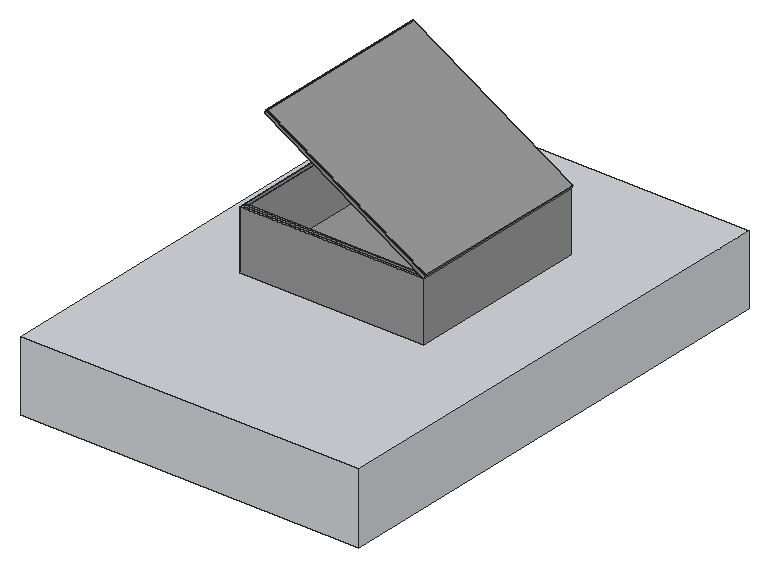
Revit family "Hager-Univers-IP55-D275-H800-Cl.I-Steel_encl-CH-en", category Equipement électrique, Revit 2020
Family settings
  Hôte = Face
  Configuration du panneau = Deux colonnes, circuits au sein
  Cote de connecteur circulaire = Utiliser le diamètre
  Type d'élément = Tableau de raccordement
  Couper avec des vides une fois chargée = Non
  Partagée = Non
  Point de calcul de pièce = Non
Parameters (values of type "Surface mounted (plaster) IP55 W800 H800 D275  - FR53E")
  Width Control [instance] = if([EF000008 - Width] > Min Width, [EF000008 - Width], Min Width)  # 800 mm
  Commentaires du type = [HG000003 - Range]  # "Univers"
  Thickness Door [instance] = if([EF009171 - Material plate thickness door/cover] > 3 mm, 3 mm, [EF009171 - Material plate thickness door/cover])  # 1.5 mm
  Seal Frame Offset [instance] = 17 mm  # constant formula
  Plinth Visibility [instance] = [HG000027 - Plinth height] > 0 mm  # no
  Model = ""
  Min Width [instance] = 100 mm  # constant formula
  Min Height [instance] = 100 mm  # constant formula
  Min Depth [instance] = (2 * [EF009170 - Material plate thickness cabinet]) + 1 mm  # 4 mm
  Internal Frame Depth [instance] = (Door System Depth * 0.5)  # 9 mm
  Height Control [instance] = if([EF000040 - Height] > Min Height, [EF000040 - Height], Min Height)  # 800 mm
  HG000027 - Plinth height = 0 mm
  HG000026 - Floor standing = no
  HG000024 - Bottom section height = 800 mm
  HG000023 - Double section enclosure = no
  HG000016 - Door 3d visibility [instance] = yes
  HG000015 - Clearance visibility [instance] = no
  HG000014 - Door on the right [instance] = yes
  HG000013 - Door on the left [instance] = not([HG000014 - Door on the right])  # no
  HG000012 - Door swing angle [instance] = 30.00°
  HG000010 - Asymmetric doors = no
  HG000009 - Double swing door = no
  HG000006 - Flush mounted = no
  HG000004 - Manufacturer reference = "FR53E"
  HG000003 - Range = "Univers"
  HG000002 - With door or cover = yes
  Frame Offset Bottom [instance] = 10 mm  # constant formula
  Frame Offset [instance] = 15 mm  # constant formula
  EF015940 - Cover with overpressure release = no
  EF011959 - Degree of protection (NEMA) = ""
  EF009554 - Number of openings for flange plates = 6
  EF009212 - Cover model = "EV000116 - Closed"
  EF009171 - Material plate thickness door/cover = 1.5 mm
  EF009170 - Material plate thickness cabinet = 1.5 mm
  Fabricant = "Hager"  # constant formula
  EF008873 - Nominal current (In) = 800 A
  EF007800 - Suitable for lightning protection = no
  EF006306 - With lock = no
  EF006244 - Transparent cover/door = no
  EF005474 - Degree of protection (IP) = "EV006420 - IP55"
  EF004464 - Type of door = "EV002646 - Single"
  EF004427 - Number of modules = 180
  EF004293 - Impact strength = "EV008784 - IK10"
  EF003532 - Suitable for outdoor use = no
  EF002950 - Width in number of modular spacings = 24
  EF001613 - Circuit integrity = "EV000494 - None"
  EF001596 - Material housing = "EV000179 - Steel"
  EF001131 - Internal depth = 275 mm
  EF001088 - Extension possible = yes
  EF000437 - Number of conduit inlets = 6
  EF000339 - Type of cover = "EV004216 - Door"
  EF000266 - Number of rows = 5
  EF000218 - Built-in depth = 0 mm
  EF000118 - With mounting plate = no
  EF000116 - RAL-number = "7035"
  EF000049 - Depth = 275 mm
  EF000040 - Height = 800 mm
  EF000008 - Width = 800 mm
  EF000007 - Colour = "EV000270 - Grey"
  EF000003 - Mounting method = "EV000384 - Surface mounted (plaster)"
  Door System Leaf Tolerance [instance] = 1.5 mm  # constant formula
  Door System Depth [instance] = 18 mm  # constant formula
  Door Height [instance] = Height Control - [HG000027 - Plinth height]  # 800 mm
  Depth Control [instance] = if([EF000049 - Depth] > Min Depth, [EF000049 - Depth], Min Depth)  # 275 mm
  Default Elevation = 0 mm
  Connector Offset [instance] = Height Control / 2  # 400 mm
  Bottom Top Plate Trim [instance] = 1.5 mm  # constant formula
  Plinth height Ctrl [instance] = if([HG000027 - Plinth height] > 0 mm, [HG000027 - Plinth height], 12 mm)  # 12 mm
Types (5, lengths in mm): name | Width Control | HG000010 - Asymmetric doors | HG000009 - Double swing door | HG000004 - Manufacturer reference | EF009554 - Number of openings for flange plates | EF004464 - Type of door | EF004427 - Number of modules | EF000437 - Number of conduit inlets | EF000008 - Width
  Surface mounted (plaster) IP55 W1050 H800 D275  - FR54E | 1050 | no | yes | "FR54E" | 8 | "EV003602 - Double" | 240 | 8 | 1050
  Surface mounted (plaster) IP55 W1300 H800 D275  - FR55E | 1300 | yes | yes | "FR55E" | 10 | "EV003602 - Double" | 300 | 10 | 1300
  Surface mounted (plaster) IP55 W300 H800 D275  - FR51E | 300 | no | no | "FR51E" | 2 | "EV002646 - Single" | 60 | 2 | 300
  Surface mounted (plaster) IP55 W550 H800 D275  - FR52E | 550 | no | no | "FR52E" | 4 | "EV002646 - Single" | 120 | 4 | 550
  Surface mounted (plaster) IP55 W800 H800 D275  - FR53E | 800 | no | no | "FR53E" | 6 | "EV002646 - Single" | 180 | 6 | 800
Reference planes
  plane 1 "Center (Front/Back)": y = 0
  plane 2: z = 0
  plane 3 "Center (Left/Right)": x = 0
  plane 4: z = 275
  plane 5: y = 1.5
  plane 6: y = 400
  plane 7: y = 0
  plane 8: y = 800
  plane 9: z = 0
  plane 10: x = -385
  plane 11: x = 385
  plane 12: x = 383.5
  plane 13: x = -383.5
  plane 14: y = 798.5
  plane 15: x = -383
  plane 16: x = -400
  plane 17: x = 383
  plane 18: x = 400
  plane 19: x = 398.5
  plane 20: x = -398.5
  plane 21: y = 11.5
  plane 22: y = 800
  plane 23: y = 783.5
  plane 24: z = 257
  plane 25: z = 1.5
  plane 26: z = 255.5
  plane 27: z = 273.5
Forms (mm)
  Extrusion 1, solid
    sketch origin (0, 0, 0) x (1, 0, 0) y (0, 1, 0)
      loop
        line (-702.964, 1305) -> (-702.964, -811.445) -> (766.763, -811.445) -> (766.763, 1305) -> (-702.964, 1305)
    from 0 to -304.8
  Extrusion 2, solid, material "Hager_Steel_RAL7035_Light_Grey", visible <- "Plinth Visibility", detail levels medium+fine
    sketch origin (0, 0, 0) x (1, 0, 0) y (0, 1, 0)
      loop
        line (-400, 0) -> (400, 0) -> (400, 12) -> (-400, 12) -> (-400, 0)
    from 0 to 257
  Extrusion 3, solid, material "Hager_Steel_RAL7035_Light_Grey", detail levels medium+fine
    sketch origin (0, 0, 0) x (1, 0, 0) y (0, 1, 0)
      loop
        line (-400, 0) -> (400, 0) -> (400, 800) -> (-400, 800) -> (-400, 0)
    from 0 to 257
  Extrusion 4, void
    sketch origin (0, 0, 0) x (1, 0, 0) y (0, 1, 0)
      loop
        line (-398.5, 1.5) -> (398.5, 1.5) -> (398.5, 798.5) -> (-398.5, 798.5) -> (-398.5, 1.5)
    from 1.5 to 255.5
  Extrusion 5, void
    sketch origin (-381.607, -4572, 257) x (0, -1, 0) y (-1, 0, 0)
      loop
        line (-4583.5, 1.893) -> (-5355.5, 1.893) -> (-5355.5, -765.107) -> (-4583.5, -765.107) -> (-4583.5, 1.893)
    from 0 to 1.5 <- "EF009170 - Material plate thickness cabinet"
  Extrusion 6, solid, material "Hager_Steel_RAL7035_Light_Grey", detail levels fine
    sketch origin (0, 0, 257) x (1, 0, 0) y (0, 1, 0)
      loop
        line (-383.5, 783.5) -> (-383.5, 11.5) -> (383.5, 11.5) -> (383.5, 783.5) -> (-383.5, 783.5)
      loop
        line (-385, 10) -> (385, 10) -> (385, 785) -> (-385, 785) -> (-385, 10)
    from 0 to 9 <- "Internal Frame Depth"
  Extrusion 7, solid, material "Hager_Steel_RAL7035_Light_Grey", detail levels coarse
    sketch origin (0, 0, 0) x (1, 0, 0) y (0, 1, 0)
      loop
        line (-400, 0) -> (400, 0) -> (400, 800) -> (-400, 800) -> (-400, 0)
    from 0 to 275
  Sweep 8, void
    path in 3D
      loop
        line (-400, 12, 0) -> (400, 12, 0) -> (400, 12, 257) -> (-400, 12, 257) -> (-400, 12, 0)
    profile origin (-400, 12, 128.5) x (-1, 0, 0) y (0, -1, 0)
      loop
        line (0, 0) -> (0, 1.5) -> (-1.5, 1.5)
        arc (-1.5, 1.5) -> (-1.061, 0.439) -> (0, 0) r 1.5
Cuts and joins
  Extrusion 4, Extrusion 5 cuts Extrusion 3
  Sweep 8 cuts Extrusion 2
Lines and regions (mm)
  Masking region 1
    outline origin (0, 0, 0) x (1, 0, 0) y (0, 0, 1)
      loop
        line (-400, 275) -> (-400, 0) -> (400, 0) -> (400, 275) -> (-400, 275)
  Masking region 2, detail levels medium+fine
    outline origin (0, 140, 0) x (0, 1, 0) y (0, 0, 1)
      loop
        line (-140, 0) -> (660, 0) -> (660, 257) -> (-140, 257) -> (-140, 0)
  Masking region 3, not visible, detail levels medium+fine
    outline origin (0, 297.922, 0) x (0, 1, 0) y (0, 0, 1)
      loop
        line (113.578, 0) -> (153.578, 0) -> (153.578, 263.5)
        arc (153.578, 263.5) -> (150.649, 270.571) -> (143.578, 273.5) r 10
        line (143.578, 273.5) -> (113.578, 273.5) -> (113.578, 0)
  Masking region 4, detail levels coarse
    outline origin (0, 0, 180) x (0, 1, 0) y (0, 0, 1)
      loop
        line (0, -180) -> (800, -180) -> (800, 95) -> (0, 95) -> (0, -180)
  Masking region 5, visible <- "Plinth Visibility", detail levels medium+fine
    outline origin (0, 52.24, 12.345) x (0, 0, -1) y (0, 1, 0)
      loop
        line (10.845, -40.24) -> (-243.155, -40.24)
        arc (-243.155, -40.24) -> (-243.594, -41.301) -> (-244.655, -41.74) r 1.5
        line (-244.655, -41.74) -> (-244.655, -52.24) -> (12.345, -52.24) -> (12.345, -41.74)
        arc (12.345, -41.74) -> (11.285, -41.301) -> (10.845, -40.24) r 1.5
  Masking region 6, detail levels medium+fine
    outline origin (-381.607, -4572, 257) x (-1, 0, 0) y (0, -1, 0)
      loop
        line (18.393, -5372) -> (18.393, -4572) -> (-781.607, -4572) -> (-781.607, -5372) -> (18.393, -5372)
  Masking region 7, visible <- "Plinth Visibility", detail levels medium+fine
    outline origin (-381.607, -4727, 257) x (-1, 0, 0) y (0, -1, 0)
      loop
        arc (16.893, -4739) -> (17.332, -4737.939) -> (18.393, -4737.5) r 1.5
        line (18.393, -4737.5) -> (18.393, -4727) -> (-781.607, -4727) -> (-781.607, -4737.5)
        arc (-781.607, -4737.5) -> (-780.546, -4737.939) -> (-780.107, -4739) r 1.5
        line (-780.107, -4739) -> (16.893, -4739)
  Masking region 8, detail levels coarse
    outline origin (-442.548, -4669.526, 257) x (-1, 0, 0) y (0, -1, 0)
      loop
        line (-42.548, -5469.526) -> (-42.548, -4669.526) -> (-842.548, -4669.526) -> (-842.548, -5469.526) -> (-42.548, -5469.526)
  sketch lines
    curve 1: line (-400, 12, 257) -> (-400, 12, 0)
    curve 2: line (400, 12, 257) -> (-400, 12, 257)
    curve 3: line (400, 12, 257) -> (400, 12, 0)
    curve 4: line (-400, 12, 0) -> (400, 12, 0)
Dimensions and locks
  "Depth Control": plane 4 to Extrusion 1
  "HG000027 - Plinth height": plane 1 "Center (Front/Back)" to plane 7
  "EF009170 - Material plate thickness cabinet": plane 5 to plane 7
  locked: connector elem to plane 3 "Center (Left/Right)"
  equal spacing: plane 8, plane 6, plane 7
  locked: connector elem to plane 6
  "EF009170 - Material plate thickness cabinet": plane 8 to plane 14
  "EF009170 - Material plate thickness cabinet": plane 10 to plane 13
  "EF009170 - Material plate thickness cabinet": plane 12 to plane 11
  "Frame Offset": plane 20 to plane 13
  "Frame Offset": plane 12 to plane 19
  "EF009170 - Material plate thickness cabinet": plane 16 to plane 20
  "EF009170 - Material plate thickness cabinet": plane 19 to plane 18
  "Seal Frame Offset": plane 16 to plane 15
  "Seal Frame Offset": plane 17 to plane 18
  "Frame Offset Bottom": plane 21 to plane 5
  "Frame Offset": plane 14 to plane 23
  equal spacing: plane 16, plane 3 "Center (Left/Right)", plane 18
  "Width Control": plane 16 to plane 18
  "EF009170 - Material plate thickness cabinet": plane 4 to plane 27
  "EF009170 - Material plate thickness cabinet": plane 24 to plane 26
  "EF009170 - Material plate thickness cabinet": plane 25 to level
  "Door System Depth": plane 4 to plane 24
  "Height Control": plane 1 "Center (Front/Back)" to Extrusion 7 sketch curve
  "Height Control": Masking region 4 sketch curve to plane 1 "Center (Front/Back)"
  "Height Control": plane 1 "Center (Front/Back)" to plane 22
  "Bottom Top Plate Trim": profile plane to Sweep 8 sketch curve
  "Bottom Top Plate Trim": Sweep 8 sketch curve to profile plane
  "Plinth height Ctrl": plane 1 "Center (Front/Back)" to Extrusion 2 sketch curve
  "Plinth height Ctrl": Masking region 5 sketch curve to plane 1 "Center (Front/Back)"
  "Plinth height Ctrl": plane 1 "Center (Front/Back)" to Masking region 7 sketch curve
  "Thickness Door": Extrusion 6 sketch curve to Extrusion 6 sketch curve  (x3)
  "Thickness Door": cut or joined group of Extrusion 3, Extrusion 4, Extrusion 5 to Extrusion 6 sketch curve
  radius of Masking region 3 sketch curve = 10 mm
  "Bottom Top Plate Trim": radius of Masking region 5 sketch curve  (x2)
  "Bottom Top Plate Trim": radius of Sweep 8 sketch curve
  "Bottom Top Plate Trim": radius of Masking region 7 sketch curve  (x2)
  aligned and locked: plane 2 to Extrusion 1
  aligned and locked: level to Extrusion 1
  aligned and locked: level to Masking region 1 sketch curve
  aligned and locked: Masking region 1 sketch curve to plane 18
  aligned and locked: Masking region 1 sketch curve to plane 16
  aligned and locked: plane 7 to Masking region 2 sketch curve
  aligned and locked: level to Masking region 3 sketch curve
  aligned and locked: Masking region 3 sketch curve to plane 27
  aligned and locked: level to Masking region 2 sketch curve
  aligned and locked: plane 1 "Center (Front/Back)" to Extrusion 2 sketch curve
  aligned and locked: Extrusion 3 sketch curve to plane 7
  aligned and locked: plane 16 to Extrusion 3 sketch curve
  aligned and locked: plane 18 to Extrusion 3 sketch curve
  aligned and locked: plane 20 to Extrusion 4 sketch curve
  aligned and locked: plane 19 to Extrusion 4 sketch curve
  aligned and locked: Extrusion 4 sketch curve to plane 5
  aligned and locked: Extrusion 4 to plane 25
  aligned and locked: plane 26 to Extrusion 4
  aligned and locked: plane 24 to Extrusion 3
  aligned and locked: Extrusion 5 sketch curve to plane 21
  aligned and locked: Extrusion 5 sketch curve to plane 13
  aligned and locked: Extrusion 5 sketch curve to plane 12
  aligned and locked: plane 18 to Extrusion 7 sketch curve
  aligned and locked: plane 1 "Center (Front/Back)" to Extrusion 7 sketch curve
  aligned and locked: plane 16 to Extrusion 7 sketch curve
  aligned and locked: plane 4 to Extrusion 7
  aligned and locked: Extrusion 7 to level
  aligned and locked: level to Masking region 4 sketch curve
  aligned and locked: Masking region 4 sketch curve to plane 1 "Center (Front/Back)"
  aligned and locked: Masking region 4 sketch curve to plane 4
  aligned and locked: nested 1 to level
  aligned and locked: nested 1 to plane 16
  aligned and locked: plane 8 to Extrusion 3 sketch curve
  aligned and locked: plane 23 to Extrusion 5 sketch curve
  aligned and locked: plane 14 to Extrusion 4 sketch curve
  aligned and locked: Masking region 2 sketch curve to plane 8
  aligned and locked: level to Masking region 5 sketch curve
  aligned and locked: plane 16 to Extrusion 2 sketch curve
  aligned and locked: plane 18 to Extrusion 2 sketch curve
  aligned and locked: Masking region 5 sketch curve to plane 24
  aligned and locked: Masking region 2 sketch curve to plane 24
  aligned and locked: plane 24 to Extrusion 2
  aligned and locked: profile plane to Sweep 8 sketch curve  (x2)
  aligned and locked: Masking region 6 sketch curve to plane 18
  aligned and locked: Masking region 6 sketch curve to plane 22
  aligned and locked: Masking region 6 sketch curve to plane 16
  aligned and locked: plane 8 to plane 22
  aligned and locked: Masking region 6 sketch curve to plane 7
  aligned and locked: Masking region 7 sketch curve to plane 16
  aligned and locked: Masking region 7 sketch curve to plane 1 "Center (Front/Back)"
  aligned and locked: Masking region 7 sketch curve to plane 18
  aligned and locked: Masking region 8 sketch curve to plane 1 "Center (Front/Back)"
  aligned and locked: Masking region 8 sketch curve to plane 18
  aligned and locked: Masking region 8 sketch curve to plane 22
  aligned and locked: Masking region 8 sketch curve to plane 16
  aligned and locked: nested 2 to plane 7
  aligned and locked: plane 3 "Center (Left/Right)" to nested 2
  aligned and locked: nested 2 to plane 24
  aligned and locked: Extrusion 6 sketch curve to cut or joined group of Extrusion 3, Extrusion 4, Extrusion 5  (x4)
Automatic sketch dimensions
  Extrusion 1 sketch curve to Extrusion 1 sketch curve = 1469.727 mm
  Extrusion 1 sketch curve to Extrusion 1 sketch curve = 2116.445 mm
  Masking region 1 sketch curve to plane 4 = 0 mm
  plane 6 to Masking region 3 sketch curve = 11.5 mm
  Masking region 3 sketch curve to Masking region 3 sketch curve = 30 mm
  Masking region 5 sketch curve to plane 1 "Center (Front/Back)" = 0 mm
Nested families
  nested 1: "Hager_Enclosure_Symbol" at (-400, 0, 0) x (1, 0, 0) z (0, -1, 0), Height <- "Depth Control", Width <- "Width Control", type "Hager_Enclosure_Symbol"
    with Width_Ctrl 800 mm, Width 800 mm, Height_Ctrl 275 mm, Height 275 mm, A_Width_Int 18.047 mm, A_Width 216.562 mm, A_Height_Ctrl 240.625 mm, A_Height 240.625 mm
  nested 2: "EC000058_Univers_Door" at (0, 0, 257) x (1, 0, 0) z (0, 1, 0), Leaf_Tolerance <- "Door System Leaf Tolerance", Angle <- "HG000012 - Door swing angle", Door_Depth <- "Door System Depth", Door_Left <- "HG000013 - Door on the left", Transparent <- "EF006244 - Transparent cover/door", Assymetrical <- "HG000010 - Asymmetric doors", Width <- "Width Control", Clearance <- "HG000015 - Clearance visibility", Double <- "HG000009 - Double swing door", 3d_Door <- "HG000016 - Door 3d visibility", Lock_Visibility <- "EF006306 - With lock", Width_Ctrl <- "Width Control", Door_Right <- "HG000014 - Door on the right", Door <- "HG000002 - With door or cover", Height <- "Door Height", Thickness <- "Thickness Door", type "EC000058_Univers_Door", detail levels medium+fine
    with min_wh 4 mm, Width_Ctrl 800 mm, Width 800 mm, Transparent no, Thickness 1.5 mm, Seal_Material Hager_Rubber, Lock_Visibility no, Lock_Material Hager_Plastic_RAL9005_Jet_Black, Leaf_Width 800 mm, Leaf_Tolerance_External_Sides 0 mm, Leaf_Tolerance 1.5 mm, Leaf_Offset 0 mm, Leaf_Height 797 mm, Leaf_2_Width 800 mm, Leaf_2_Offset 400 mm, Leaf_1_Width 800 mm, Leaf_1_Offset 400 mm, Height_Ctrl 800 mm, Height 800 mm, Glass_Material Hager_Glass, Double_Clearance_Ctrl no, Double no, Door_Right_Ctrl yes, Door_Right yes, Door_Material Hager_Steel_RAL7035_Light_Grey, Door_Left_Ctrl no, Door_Left no, Door_Depth 18 mm, Door yes, Clearance_Material Hager_Clearance, Clearance_Depth 800 mm, Clearance_Ctrl no, Clearance no, Assymetrical no, Angle 30.00°, 3d_Door yes
Connectors
  electrical at (0, 400, 0)
    settings: on plane 9, index 1, voltage 0 V, apparent load 0 VA, apparent load phase1 0 VA, apparent load phase2 0 VA, apparent load phase3 0 VA, power factor 1, load classification "Other", number of poles 1, system type 30, power factor state 1, is connector primary yes, connector utility no, sub classification motor no, connector description ""
Definition of nested family "EC000058_Univers_Door"
  Parameters (values of type "EC000058_Univers_Door")
    min_wh [instance] = (2 * Thickness) + 1 mm  # 11 mm
    Width_Ctrl [instance] = 400 mm
    Width [instance] = 500 mm
    Transparent [instance] = yes
    Thickness [instance] = 5 mm
    Seal_Material [instance] = none
    Lock_Visibility [instance] = yes
    Lock_Material [instance] = none
    Leaf_Width [instance] = if((Width_Ctrl - 2 * Leaf_Tolerance_External_Sides) > 0 mm, (Width_Ctrl - 2 * Leaf_Tolerance_External_Sides), min_wh)  # 400 mm
    Leaf_Tolerance_External_Sides [instance] = 0 mm  # constant formula
    Leaf_Tolerance [instance] = 1.5 mm
    Leaf_Offset [instance] = 0 mm  # constant formula
    Leaf_Height [instance] = if((Height_Ctrl - 2 * Leaf_Tolerance) > 0 mm, (Height_Ctrl - 2 * Leaf_Tolerance), min_wh)  # 497 mm
    Leaf_2_Width [instance] = if(and(and(Double, Assymetrical), Door_Left), (Leaf_Width / 3) - (Leaf_Tolerance / 2), if(and(and(Double, Assymetrical), Door_Right), (Leaf_Width / 3) * 2 - (Leaf_Tolerance / 2), if(and(Double, not(Assymetrical)), (Leaf_Width / 2) - Leaf_Tolerance, Leaf_Width)))  # 400 mm
    Leaf_2_Offset [instance] = if(and(Double, Assymetrical), Leaf_2_Width / 2, if(and(Double, not(Assymetrical)), Leaf_Width / 4, Leaf_Width / 2))  # 200 mm
    Leaf_1_Width [instance] = if(and(and(Double, Assymetrical), Door_Right), (Leaf_Width / 3) - (Leaf_Tolerance / 2), if(and(and(Double, Assymetrical), Door_Left), (Width / 3) * 2 - (Leaf_Tolerance / 2), if(and(Double, not(Assymetrical)), (Leaf_Width / 2) - Leaf_Tolerance, Leaf_Width)))  # 400 mm
    Leaf_1_Offset [instance] = if(and(Double, Assymetrical), Leaf_1_Width / 2, if(and(Double, not(Assymetrical)), Leaf_Width / 4, Leaf_Width / 2))  # 200 mm
    Height_Ctrl [instance] = if(Height > min_wh, Height, min_wh)  # 500 mm
    Height [instance] = 500 mm
    Glass_Material [instance] = none
    Double_Clearance_Ctrl [instance] = and(Double, Clearance)  # no
    Double [instance] = no
    Door_Right_Ctrl [instance] = and(or(Door_Right, Double), Door)  # yes
    Door_Right [instance] = yes
    Door_Material [instance] = none
    Door_Left_Ctrl [instance] = and(or(Door_Left, Double), Door)  # no
    Door_Left [instance] = no
    Door_Depth [instance] = 30 mm
    Door [instance] = yes
    Default Elevation = 1219.2 mm
    Clearance_Material [instance] = none
    Clearance_Depth [instance] = if(Leaf_1_Width > Leaf_2_Width, Leaf_1_Width, Leaf_2_Width)  # 400 mm
    Clearance_Ctrl [instance] = and(not(Double), Clearance)  # yes
    Clearance [instance] = yes
    Assymetrical [instance] = yes
    Angle [instance] = 30.00°
    3d_Door [instance] = yes
  Reference planes
    plane 1 "Center (Front/Back)": y = 0
    plane 2 "Bottom": z = 0
    plane 3 "Center (Left/Right)": x = 0
    plane 4: z = 500
    plane 5: x = -200
    plane 6: x = 200
    plane 7: z = 500
    plane 8: x = -200
    plane 9: z = 0
    plane 10: x = 200
    plane 11: y = 0
    plane 12: z = 1.5
    plane 13: x = -600
    plane 14: y = -400
    plane 15: x = 600
    plane 16: x = 0
    plane 17: x = 0
    plane 18: x = -200
    plane 19: x = 200
    plane 20: z = 498.5
  Forms (mm)
    Extrusion 1, solid, material <- "Clearance_Material", visible <- "Double_Clearance_Ctrl"
      sketch origin (1200, 0, 0) x (1, 0, 0) y (0, 0, -1)
        loop
          line (-1800, -498.5) -> (-600, -498.5) -> (-600, 0) -> (-1800, 0) -> (-1800, -498.5)
      from 0 to -400
  Dimensions and locks
    equal spacing: plane 5, plane 3 "Center (Left/Right)", plane 6
    "Width_Ctrl": plane 5 to plane 6
    "Leaf_Offset": plane 5 to plane 8
    "Leaf_Offset": plane 6 to plane 10
    "Leaf_Offset": plane 9 to level
    "Leaf_Offset": plane 4 to plane 7
    "Height_Ctrl": plane 4 to level
    "Leaf_Tolerance": plane 12 to plane 9
    locked: plane 11 to plane 1 "Center (Front/Back)"
    "Leaf_1_Offset": plane 18 to plane 16
    "Leaf_2_Offset": plane 17 to plane 19
    "Leaf_1_Width": plane 13 to plane 8
    "Leaf_2_Width": plane 10 to plane 15
    "Clearance_Depth": plane 14 to plane 1 "Center (Front/Back)"
    "Leaf_Tolerance_External_Sides": plane 8 to plane 18
    "Leaf_Tolerance_External_Sides": plane 19 to plane 10
    "Leaf_Tolerance": plane 7 to plane 20
    aligned and locked: level to plane 2 "Bottom"
    aligned and locked: nested 1 to plane 16
    aligned and locked: nested 2 to plane 17
    aligned and locked: Extrusion 1 to plane 13
    aligned and locked: plane 15 to Extrusion 1
    aligned and locked: Extrusion 1 to plane 14
    aligned and locked: plane 12 to nested 1
    aligned and locked: nested 2 to plane 12
    aligned and locked: Extrusion 1 to plane 11
    aligned and locked: plane 20 to Extrusion 1
    aligned and locked: nested 2 to plane 11
    aligned and locked: nested 1 to plane 11
  Automatic sketch dimensions
    Extrusion 1 sketch curve to level = 0 mm
    plane 5 to Extrusion 1 sketch curve = 400 mm
    plane 6 to Extrusion 1 sketch curve = 400 mm
    Extrusion 1 sketch curve to plane 4 = 1.5 mm
  Nested families
    nested 1: "EC000058_Univers_Door_Leaf" at (0, 0, 1.5), Width <- "Leaf_1_Width", visible <- "Door_Left_Ctrl", Leaf_Height <- "Leaf_Height", Angle <- "Angle", 3d_Door <- "3d_Door", Transparent <- "Transparent", Clearance Material <- "Clearance_Material", Clearance <- "Clearance_Ctrl", Door_Material <- "Door_Material", Glass_Material <- "Glass_Material", Door_Depth <- "Door_Depth", Lock_Material <- "Lock_Material", Seal_Material <- "Seal_Material", Lock_Visibility <- "Lock_Visibility", Thickness <- "Thickness", type "EC000058_Univers_Door_Leaf"
      with Width 400 mm, Transparent_Glass_Offset 30 mm, Transparent_Ctrl yes, Transparent yes, Thickness 5 mm, Standard no, Seal_Material none, Seal_D2 8 mm, Seal_D1 1 mm, Offset_Internal_Frame 10 mm, Lock_Width 20 mm, Lock_Visibility_3d yes, Lock_Visibility yes, Lock_Thickness_3 3 mm, Lock_Thickness_2 1 mm, Lock_Thickness_1 3 mm, Lock_Radius_Offset_2 16 mm, Lock_Radius_Offset_1 15 mm, Lock_Radius_2 5 mm, Lock_Radius 6 mm, Lock_Offset 5 mm, Lock_Material none, Lock_Height 80 mm, Lock_Cover_Top_Offset_2d 17 mm, Lock_Cover_Height -65 mm, Leaf_Height 497 mm, Internal_Seal_Thickness 8 mm, Internal_Seal_Depth_2 4.5 mm, Internal_Frame_Depth 25 mm, Glass_Thickness -1 mm, Glass_Offset -2 mm, Glass_Material none, Door_Material none, Door_Depth 30 mm, Clearance Material none, Clearance yes, Angle_Ctrl 30.00°, Angle 30.00°, 3d_Door yes
    nested 2: "EC000058_Univers_Door_Leaf" at (0, 0, 1.5) x (-1, 0, 0) z (0, 0, 1), Width <- "Leaf_2_Width", visible <- "Door_Right_Ctrl", Leaf_Height <- "Leaf_Height", Angle <- "Angle", 3d_Door <- "3d_Door", Transparent <- "Transparent", Clearance Material <- "Clearance_Material", Clearance <- "Clearance_Ctrl", Door_Material <- "Door_Material", Glass_Material <- "Glass_Material", Door_Depth <- "Door_Depth", Lock_Material <- "Lock_Material", Seal_Material <- "Seal_Material", Lock_Visibility <- "Lock_Visibility", Thickness <- "Thickness", type "EC000058_Univers_Door_Leaf"
      with Width 400 mm, Transparent_Glass_Offset 30 mm, Transparent_Ctrl yes, Transparent yes, Thickness 5 mm, Standard no, Seal_Material none, Seal_D2 8 mm, Seal_D1 1 mm, Offset_Internal_Frame 10 mm, Lock_Width 20 mm, Lock_Visibility_3d yes, Lock_Visibility yes, Lock_Thickness_3 3 mm, Lock_Thickness_2 1 mm, Lock_Thickness_1 3 mm, Lock_Radius_Offset_2 16 mm, Lock_Radius_Offset_1 15 mm, Lock_Radius_2 5 mm, Lock_Radius 6 mm, Lock_Offset 5 mm, Lock_Material none, Lock_Height 80 mm, Lock_Cover_Top_Offset_2d 17 mm, Lock_Cover_Height -65 mm, Leaf_Height 497 mm, Internal_Seal_Thickness 8 mm, Internal_Seal_Depth_2 4.5 mm, Internal_Frame_Depth 25 mm, Glass_Thickness -1 mm, Glass_Offset -2 mm, Glass_Material none, Door_Material none, Door_Depth 30 mm, Clearance Material none, Clearance yes, Angle_Ctrl 30.00°, Angle 30.00°, 3d_Door yes
  Definition of nested family "EC000058_Univers_Door_Leaf"
    Parameters (values of type "EC000058_Univers_Door_Leaf")
      Width [instance] = 2000 mm
      Transparent_Glass_Offset [instance] = 30 mm
      Transparent_Ctrl [instance] = and(Transparent, [3d_Door])  # yes
      Transparent [instance] = yes
      Thickness [instance] = 5 mm
      Standard [instance] = and(not(Transparent), [3d_Door])  # no
      Seal_Material [instance] = none
      Seal_D2 [instance] = 8 mm  # constant formula
      Seal_D1 [instance] = 1 mm  # constant formula
      Offset_Internal_Frame [instance] = 10 mm  # constant formula
      Lock_Width [instance] = 20 mm  # constant formula
      Lock_Visibility_3d [instance] = and(Lock_Visibility, [3d_Door])  # yes
      Lock_Visibility [instance] = yes
      Lock_Thickness_3 [instance] = 3 mm  # constant formula
      Lock_Thickness_2 [instance] = 1 mm  # constant formula
      Lock_Thickness_1 [instance] = 3 mm  # constant formula
      Lock_Radius_Offset_2 [instance] = Lock_Radius_Offset_1 + 1 mm  # 16 mm
      Lock_Radius_Offset_1 [instance] = 15 mm  # constant formula
      Lock_Radius_2 [instance] = Lock_Radius - 1 mm  # 5 mm
      Lock_Radius [instance] = 6 mm  # constant formula
      Lock_Offset [instance] = 5 mm  # constant formula
      Lock_Material [instance] = none
      Lock_Height [instance] = 80 mm  # constant formula
      Lock_Cover_Top_Offset_2d [instance] = Lock_Radius_Offset_2 + 1 mm  # 17 mm
      Lock_Cover_Height [instance] = -(Lock_Height - Lock_Radius_Offset_1)  # -65 mm
      Leaf_Height [instance] = 2720.336 mm
      Internal_Seal_Thickness [instance] = 8 mm  # constant formula
      Internal_Seal_Depth_2 [instance] = 4.5 mm  # constant formula
      Internal_Frame_Depth [instance] = if(Door_Depth - Thickness > 5 mm, Door_Depth - Thickness, 5 mm)  # 25 mm
      Glass_Thickness [instance] = if(Thickness > 15 mm, Glass_Offset + 10 mm, -1 mm)  # -1 mm
      Glass_Offset [instance] = if(Thickness > 15 mm, -(Thickness + 10 mm) / 2, -2 mm)  # -2 mm
      Glass_Material [instance] = none
      Door_Material [instance] = none
      Door_Depth [instance] = 30 mm
      Default Elevation = 0 mm
      Clearance Material [instance] = none
      Clearance [instance] = yes
      Angle_Ctrl [instance] = if(Angle > 180.00°, 180.00°, Angle)  # 90.00°
      Angle [instance] = 90.00°
      3d_Door [instance] = yes
    Reference planes
      plane 1 "Center (Front/Back)": y = 0
      plane 2: z = 0
      plane 3 "Center (Left/Right)": x = 0
      plane 4: y = 2000
      plane 5: x = -1000
      plane 6: x = 1000
      plane 7: x = -3000
      plane 8: z = 2720.336
      plane 9: z = 30
      plane 10: z = 2690.336
      plane 11: x = 970
      plane 12: x = -970
      plane 13: y = -3
      plane 14: z = 107.833
      plane 15: y = -5
      plane 16: y = -223.314
      plane 17: x = -1000
      plane 18: z = 1360.168
      plane 19: y = 30
    Forms (mm)
      Extrusion 1, solid, material <- "Clearance Material", visible <- "Clearance"
        sketch origin (0, 0, 0) x (1, 0, 0) y (0, 0, 1)
          loop
            line (-3000, 2720.336) -> (-3000, 0) -> (1000, 0) -> (1000, 2720.336) -> (-3000, 2720.336)
        from 0 to -2000
      Extrusion 2, solid, material <- "Door_Material", visible <- "Standard", detail levels medium+fine
        sketch origin (-1000, 0, 0) x (0, 1, 0) y (-1, 0, 0)
          loop
            line (0, 30) -> (0, 25) -> (2000, 25) -> (2000, 30) -> (0, 30)
        from 0 to 2720.336 <- "Leaf_Height"
      Extrusion 3, solid, material <- "Door_Material", visible <- "Transparent_Ctrl", detail levels medium+fine
        sketch origin (-1000, 0, 0) x (0, 1, 0) y (-1, 0, 0)
          loop
            line (0, 25) -> (2000, 25) -> (2000, 30) -> (0, 30) -> (0, 25)
        from 0 to 2720.336 <- "Leaf_Height"
      Extrusion 4, void
        sketch origin (-1025, 2000, 0) x (0, 1, 0) y (0, 0, -1)
          loop
            line (-30, -2690.336) -> (-30, -30) -> (-1970, -30) -> (-1970, -2690.336) -> (-30, -2690.336)
        from 0 to 5 <- "Thickness"
      Sweep 5, solid, material <- "Seal_Material", visible <- "Transparent_Ctrl", detail levels fine
        path in 3D
          loop
            line (-1025, 30, 30) -> (-1025, 30, 2690.336) -> (-1025, 1970, 2690.336) -> (-1025, 1970, 30) -> (-1025, 30, 30)
        profile origin (-1025, 1000, 30) x (1, 0, 0) y (0, 0, 1)
          loop
            line (0, 0) -> (0, -8) -> (1, -8) -> (1, 0) -> (0, 0)
      Extrusion 6, solid, material <- "Glass_Material", visible <- "Transparent_Ctrl", detail levels medium+fine
        sketch origin (-1030, 0, 0) x (0, 1, 0) y (0, 0, -1)
          loop
            line (1970, -2690.336) -> (1970, -30) -> (30, -30) -> (30, -2690.336) -> (1970, -2690.336)
        from -2 <- "Glass_Offset" to -1 <- "Glass_Thickness"
      Extrusion 7, solid, material <- "Door_Material", visible <- "3d_Door", detail levels medium+fine
        sketch origin (-1025, 2000, 0) x (0, -1, 0) y (0, 0, -1)
          loop
            line (0, -2720.336) -> (2000, -2720.336) -> (2000, 0) -> (0, 0) -> (0, -2720.336)
          loop
            line (1995, -5) -> (5, -5) -> (5, -2715.336) -> (1995, -2715.336) -> (1995, -5)
        from 0 to 25 <- "Internal_Frame_Depth"
      Sweep 8, solid, material <- "Seal_Material", visible <- "Transparent_Ctrl", detail levels fine
        path in 3D
          loop
            line (-1025, 0, 0) -> (-1025, 2000, 0) -> (-1025, 2000, 2720.336) -> (-1025, 0, 2720.336) -> (-1025, 0, 0)
        profile origin (-1025, 0, 1360.168) x (1, 0, 0) y (0, 1, 0)
          loop
            line (0, 10) -> (2.975, 10)
            arc (2.975, 10) -> (4.053, 10.447) -> (4.5, 11.525) r 1.525
            line (4.5, 11.525) -> (4.5, 16.527)
            arc (4.5, 16.527) -> (4.069, 17.569) -> (3.027, 18) r 1.473
            line (3.027, 18) -> (0, 18) -> (0, 10)
      Extrusion 9, solid, material <- "Lock_Material", visible <- "Lock_Visibility_3d", detail levels fine
        sketch origin (-1030, 0, 0) x (0, 1, 0) y (0, 0, -1)
          loop
            arc (1993.5, -1400.168) -> (1994.561, -1399.729) -> (1995, -1398.668) r 1.5
            line (1995, -1398.668) -> (1995, -1320.168) -> (1975, -1320.168) -> (1975, -1398.668)
            arc (1975, -1398.668) -> (1975.439, -1399.729) -> (1976.5, -1400.168) r 1.5
            line (1976.5, -1400.168) -> (1993.5, -1400.168)
        from 3 <- "Lock_Thickness_1" to 0
      Blend 10, solid, material <- "Lock_Material", visible <- "Lock_Visibility_3d", detail levels fine
        base sketch origin (-1033, 0, 0) x (0, 1, 0) y (0, 0, -1)
          loop
            line (1975, -1320.168) -> (1975, -1398.668)
            arc (1975, -1398.668) -> (1975.439, -1399.729) -> (1976.5, -1400.168) r 1.5
            line (1976.5, -1400.168) -> (1993.5, -1400.168)
            arc (1993.5, -1400.168) -> (1994.561, -1399.729) -> (1995, -1398.668) r 1.5
            line (1995, -1398.668) -> (1995, -1320.168) -> (1975, -1320.168)
        top sketch origin (-1033, 0, 0) x (0, 1, 0) y (0, 0, -1)
          loop
            line (1976, -1320.168) -> (1976, -1398.668)
            arc (1976, -1398.668) -> (1976.146, -1399.022) -> (1976.5, -1399.168) r 0.5
            line (1976.5, -1399.168) -> (1993.5, -1399.168)
            arc (1993.5, -1399.168) -> (1993.854, -1399.022) -> (1994, -1398.668) r 0.5
            line (1994, -1398.668) -> (1994, -1320.168) -> (1976, -1320.168)
        from 0 to 1 <- "Lock_Thickness_2"
      Blend 11, solid, material <- "Lock_Material", visible <- "Lock_Visibility_3d", detail levels fine
        base sketch origin (-1034, 0, 0) x (0, 1, 0) y (0, 0, -1)
          loop
            line (1978, -1320.168) -> (1978, -1384.168)
            arc (1978, -1384.168) -> (1985, -1391.168) -> (1992, -1384.168) r 7
            line (1992, -1384.168) -> (1992, -1320.168) -> (1978, -1320.168)
        top sketch origin (-1034, 0, 0) x (0, 1, 0) y (0, 0, -1)
          loop
            line (1991, -1320.168) -> (1979, -1320.168) -> (1979, -1383.168)
            arc (1979, -1383.168) -> (1985, -1389.168) -> (1991, -1383.168) r 6
            line (1991, -1383.168) -> (1991, -1320.168)
        from 0 to 3 <- "Lock_Thickness_3"
      Extrusion 12, solid, material <- "Lock_Material", visible <- "Lock_Visibility_3d", detail levels fine
        sketch origin (-1030, 1975, 1320.168) x (1, 0, 0) y (0, -1, 0)
          loop
            line (-7, -19) -> (-7, -1) -> (0, -1) -> (0, 0) -> (-8, 0) -> (-8, -20) -> (0, -20) -> (0, -19) -> (-7, -19)
        from 0 to -65 <- "Lock_Cover_Height"
      Extrusion 13, void
        sketch origin (-1038, 1995, 1320.168) x (-1, 0, 0) y (0, 0, -1)
          loop
            line (-5, -65) -> (0, -65) -> (-5, -60) -> (-5, -65)
        from 0 to 20 <- "Lock_Width"
      Extrusion 14, void
        sketch origin (-1038, 1975, 1320.168) x (0, -1, 0) y (0, 0, -1)
          loop
            circle (-10, -15.995) r 6
          loop
            circle (-10, -15.995) r 5
        from 0 to 2
      Extrusion 15, solid, material <- "Lock_Material", visible <- "Lock_Visibility_3d", detail levels medium
        sketch origin (-1030, 0, 0) x (0, 1, 0) y (0, 0, -1)
          loop
            arc (1993.5, -1400.168) -> (1994.561, -1399.729) -> (1995, -1398.668) r 1.5
            line (1995, -1398.668) -> (1995, -1320.168) -> (1975, -1320.168) -> (1975, -1398.668)
            arc (1975, -1398.668) -> (1975.439, -1399.729) -> (1976.5, -1400.168) r 1.5
            line (1976.5, -1400.168) -> (1993.5, -1400.168)
        from 8 to 0
    Cuts and joins
      Extrusion 4 cuts Extrusion 3
      Extrusion 13, Extrusion 14 cuts Extrusion 9
      Extrusion 14 cuts Blend 11
      Extrusion 13, Extrusion 14 cuts Extrusion 12
      joined: Extrusion 9, Blend 10, Blend 11, Extrusion 12
      Extrusion 14 cuts Extrusion 15
    Lines and regions (mm)
      Masking region 1, visible <- "Lock_Visibility", detail levels fine
        outline origin (0, 0, 0) x (0, 1, 0) y (0, 0, 1)
          loop
            line (30, 1320.168) -> (33, 1320.168) -> (33, 1400.168) -> (30, 1400.168) -> (30, 1320.168)
      Masking region 2, visible <- "Lock_Visibility", detail levels fine
        outline origin (0, 3.143, 0) x (0, 1, 0) y (0, 0, 1)
          loop
            line (29.857, 1354.168) -> (30.857, 1354.168) -> (30.857, 1366.168) -> (29.857, 1366.168) -> (29.857, 1354.168)
      Masking region 3, detail levels medium+fine
        outline origin (0, 0, 0) x (0, 1, 0) y (0, 0, 1)
          loop
            line (0, 0) -> (30, 0) -> (30, 2720.336) -> (0, 2720.336) -> (0, 0)
      Masking region 4, detail levels medium+fine
        outline origin (0, 0, 0) x (1, 0, 0) y (0, 0, 1)
          loop
            line (-1000, 2720.336) -> (-1000, 0) -> (1000, 0) -> (1000, 2720.336) -> (-1000, 2720.336)
      Masking region 5, visible <- "Lock_Visibility", detail levels fine
        outline origin (-47.116, 0, 0) x (1, 0, 0) y (0, 0, 1)
          loop
            arc (1024.616, 1399.168) -> (1023.556, 1398.729) -> (1023.116, 1397.668) r 1.5
            line (1023.116, 1397.668) -> (1023.116, 1320.168) -> (1041.116, 1320.168) -> (1041.116, 1397.668)
            arc (1041.116, 1397.668) -> (1040.677, 1398.729) -> (1039.616, 1399.168) r 1.5
            line (1039.616, 1399.168) -> (1024.616, 1399.168)
      Masking region 6, visible <- "Lock_Visibility", detail levels medium+fine
        outline origin (-25, 0, 0) x (1, 0, 0) y (0, 0, 1)
          loop
            arc (1001.5, 1400.168) -> (1000.439, 1399.729) -> (1000, 1398.668) r 1.5
            line (1000, 1398.668) -> (1000, 1320.168) -> (1020, 1320.168) -> (1020, 1398.668)
            arc (1020, 1398.668) -> (1019.561, 1399.729) -> (1018.5, 1400.168) r 1.5
            line (1018.5, 1400.168) -> (1001.5, 1400.168)
      Masking region 7, visible <- "Lock_Visibility", detail levels fine
        outline origin (-73.735, 0, 0) x (1, 0, 0) y (0, 0, 1)
          loop
            line (1051.735, 1382.168) -> (1065.735, 1382.168) -> (1065.735, 1384.168)
            arc (1065.735, 1384.168) -> (1058.735, 1391.168) -> (1051.735, 1384.168) r 7
            line (1051.735, 1384.168) -> (1051.735, 1382.168)
      Masking region 8, visible <- "Lock_Visibility", detail levels fine
        outline origin (-73.735, 0, 0) x (1, 0, 0) y (0, 0, 1)
          loop
            line (1052.735, 1382.168) -> (1064.735, 1382.168) -> (1064.735, 1383.168)
            arc (1064.735, 1383.168) -> (1058.735, 1389.168) -> (1052.735, 1383.168) r 6
            line (1052.735, 1383.168) -> (1052.735, 1382.168)
      Masking region 9, visible <- "Lock_Visibility", detail levels fine
        outline origin (-25, 0, 0) x (1, 0, 0) y (0, 0, 1)
          loop
            line (1020, 1320.168) -> (1020, 1382.168) -> (1000, 1382.168) -> (1000, 1320.168) -> (1020, 1320.168)
      Masking region 10, detail levels medium+fine
        outline origin (0, 0, 0) x (1, 0, 0) y (0, 0, 1)
          loop
            circle (985, 1335.144) r 6
      Masking region 11, detail levels fine
        outline origin (0, 0, 0) x (1, 0, 0) y (0, 0, 1)
          loop
            circle (985, 1335.144) r 5
      Masking region 12, visible <- "Lock_Visibility", detail levels fine
        outline origin (0, 12.767, 0) x (0, 1, 0) y (0, 0, 1)
          loop
            line (20.233, 1320.168) -> (21.233, 1320.168) -> (21.233, 1399.168) -> (20.233, 1400.168) -> (20.233, 1320.168)
      Masking region 13, visible <- "Lock_Visibility", detail levels fine
        outline origin (0, 13.767, -10) x (0, 1, 0) y (0, 0, 1)
          loop
            line (20.233, 1330.168) -> (23.233, 1330.168) -> (23.233, 1399.168) -> (20.233, 1402.168) -> (20.233, 1330.168)
      Masking region 14, visible <- "Lock_Visibility", detail levels fine
        outline origin (0, 12.767, -10) x (0, 1, 0) y (0, 0, 1)
          loop
            line (20.233, 1330.168) -> (25.233, 1330.168) -> (25.233, 1399.305) -> (20.233, 1394.305) -> (20.233, 1330.168)
      Masking region 15, visible <- "Lock_Visibility", detail levels medium
        outline origin (0, 0, 0) x (0, 1, 0) y (0, 0, 1)
          loop
            line (30, 1320.168) -> (38, 1320.168) -> (38, 1400.168) -> (30, 1400.168) -> (30, 1320.168)
      Masking region 16, visible <- "Lock_Visibility", detail levels fine
        outline origin (-1000, 0, 0) x (0, 1, 0) y (-1, 0, 0)
          loop
            line (1975, 30) -> (1995, 30) -> (1995, 38) -> (1975, 38) -> (1975, 30)
          loop
            line (1979, 37) -> (1976, 37) -> (1976, 34) -> (1978, 34) -> (1979, 37)
          loop
            line (1994, 37) -> (1991, 37) -> (1992, 34) -> (1994, 34) -> (1994, 37)
      Masking region 17, visible <- "Lock_Visibility", detail levels medium
        outline origin (-1000, 0, 0) x (0, 1, 0) y (-1, 0, 0)
          loop
            line (1975, 30) -> (1995, 30) -> (1995, 38) -> (1975, 38) -> (1975, 30)
      symbolic lines
        curve 1: line (1000, 0, 0) -> (-3000, 0, 0)
        curve 2: arc (1000, 0, 0) -> (-1000, 2000, 0) -> (-3000, 0, 0) r 2000
        curve 4: line (-1030, 0, 0) -> (-1030, 2000, 0)
      reference lines
        curve 3: line (-1000, 0, 0) -> (-1000, 2000, 0)
      symbolic lines, detail levels medium+fine
        curve 5: line (-1030, 2000, 0) -> (-1025, 2000, 0)
        curve 7: line (-1025, 0, 0) -> (-1030, 0, 0)
        curve 8: line (-1025, 0, 0) -> (-1000, 0, 0)
        curve 9: line (-1000, 0, 0) -> (-1000, 2000, 0)
        curve 10: line (-1000, 2000, 0) -> (-1025, 2000, 0)
      symbolic lines, detail levels fine
        curve 6: line (-1025, 2000, 0) -> (-1025, 0, 0)
      sketch lines
        curve 11: line (-1025, 0, 2720.336) -> (-1025, 0, 0)
        curve 12: line (-1025, 2000, 0) -> (-1025, 0, 0)
        curve 13: line (-1025, 2000, 2720.336) -> (-1025, 2000, 0)
        curve 14: line (-1025, 0, 2720.336) -> (-1025, 2000, 2720.336)
        curve 15: line (-1025, 1970, 30) -> (-1025, 30, 30)
        curve 16: line (-1025, 30, 30) -> (-1025, 30, 2690.336)
        curve 17: line (-1025, 1970, 2690.336) -> (-1025, 1970, 30)
        curve 18: line (-1025, 30, 2690.336) -> (-1025, 1970, 2690.336)
      symbolic lines, visible <- "Transparent", detail levels medium+fine
        curve 19: line (-970, 0, 2690.336) -> (970, 0, 2690.336)
        curve 20: line (-970, 0, 30) -> (-970, 0, 2690.336)
        curve 21: line (970, 0, 30) -> (-970, 0, 30)
        curve 22: line (970, 0, 2690.336) -> (970, 0, 30)
    Dimensions and locks
      "Width": plane 1 "Center (Front/Back)" to plane 4
      equal spacing: plane 5, plane 3 "Center (Left/Right)", plane 6
      "Width": plane 5 to plane 6
      "Width": plane 7 to plane 5
      "Leaf_Height": plane 8 to level
      "Width": curve 5 to curve 3
      "Width": curve 3 to curve 3
      plane 8 to plane 10 = 30 mm
      plane 9 to level = 30 mm
      plane 12 to plane 5 = 30 mm
      plane 6 to plane 11 = 30 mm
      Extrusion 1 to Extrusion 4 sketch curve = 30 mm
      "Transparent_Glass_Offset": curve 3 to Extrusion 4 sketch curve
      "Transparent_Glass_Offset": Extrusion 4 sketch curve to cut or joined group of Extrusion 3, Extrusion 4  (x2)
      cut or joined group of Extrusion 3, Extrusion 4 to Extrusion 6 sketch curve = 30 mm
      "Transparent_Glass_Offset": cut or joined group of Extrusion 3, Extrusion 4 to Extrusion 4 sketch curve
      "Thickness": curve 6 to curve 4
      "Thickness": Extrusion 7 sketch curve to Extrusion 7 sketch curve  (x4)
      "Door_Depth": curve 4 to curve 3
      "Offset_Internal_Frame": profile plane to Sweep 8 sketch curve
      "Internal_Seal_Thickness": Sweep 8 sketch curve to Sweep 8 sketch curve
      "Internal_Seal_Depth_2": profile plane to Sweep 8 sketch curve
      "Seal_D1": profile plane to Sweep 5 sketch curve
      "Seal_D2": profile plane to Sweep 5 sketch curve
      "Thickness": Extrusion 2 sketch curve to Extrusion 2 sketch curve
      equal spacing: Extrusion 9 sketch curve, plane 18, Extrusion 9 sketch curve  (x2)
      equal spacing: Masking region 1 sketch curve, plane 18, Masking region 1 sketch curve
      "Lock_Height": Masking region 1 sketch curve to Masking region 1 sketch curve
      "Lock_Radius": Masking region 2 sketch curve to plane 18 to Masking region 2 sketch curve
      Masking region 2 sketch curve to Masking region 1 = 1 mm
      "Door_Depth": plane 19 to plane 1 "Center (Front/Back)"
      "Lock_Thickness_1": Masking region 1 sketch curve to plane 19
      "Lock_Width": Extrusion 9 sketch curve to Extrusion 9 sketch curve
      "Lock_Height": Extrusion 9 sketch curve to Extrusion 9 sketch curve
      "Lock_Offset": cut or joined group of Extrusion 3, Extrusion 4 to Extrusion 9 sketch curve
      equal spacing: plane 8, plane 18, level
      "Lock_Radius_Offset_1": Blend 11 sketch curve to Blend 10
      locked: Blend 10 to Blend 11 sketch curve at 2  (x2)
      locked: var sketch to Blend 11 sketch curve at 1  (x2)
      "Lock_Radius_Offset_2": Blend 11 sketch curve to Blend 10
      locked: Extrusion 12 sketch curve to Extrusion 12 sketch curve at 1  (x3)
      Masking region 6 sketch curve to Masking region 6 sketch curve = 80 mm
      "Lock_Height": Masking region 6 sketch curve to Masking region 6 sketch curve
      "Lock_Width": Masking region 6 sketch curve to Masking region 6 sketch curve
      locked: Masking region 6 to Masking region 5 sketch curve at 1  (x3)
      locked: Masking region 5 to Masking region 7 sketch curve at 2  (x2)
      "Lock_Radius_Offset_1": Masking region 5 to Masking region 7 sketch curve
      "Lock_Radius_Offset_2": Masking region 5 to Masking region 8 sketch curve
      locked: Masking region 7 to Masking region 8 sketch curve at 1  (x2)
      "Lock_Cover_Top_Offset_2d": Masking region 5 to Masking region 9 sketch curve
      equal spacing: Masking region 9, Masking region 10 sketch curve, Masking region 9
      equal spacing: Masking region 9, Masking region 11 sketch curve, Masking region 9
      Extrusion 15 sketch curve to Extrusion 15 sketch curve = 80 mm
      "Lock_Width": Extrusion 15 sketch curve to Extrusion 15 sketch curve
      "Lock_Height": Extrusion 15 sketch curve to Extrusion 15 sketch curve
      equal spacing: Extrusion 15 sketch curve, plane 18, Extrusion 15 sketch curve
      "Lock_Thickness_3": Masking region 13 sketch curve to Masking region 13 sketch curve
      "Lock_Height": Masking region 12 sketch curve to Masking region 12 sketch curve
      locked: Masking region 13 sketch curve to Masking region 1 at 8
      locked: Masking region 14 sketch curve to Masking region 13 at 1
      locked: Masking region 14 sketch curve to Masking region 1 at 10.863
      "Lock_Height": Masking region 15 sketch curve to Masking region 15 sketch curve
      "Lock_Offset": Extrusion 15 sketch curve to cut or joined group of Extrusion 3, Extrusion 4
      "Lock_Offset": plane 6 to Masking region 6 sketch curve
      radius of Sweep 8 sketch curve = 1.525 mm
      radius of Sweep 8 sketch curve = 1.473 mm
      radius of Extrusion 9 sketch curve = 1.5 mm  (x2)
      "Lock_Radius": radius of Extrusion 14 sketch curve
      "Lock_Radius_2": radius of Extrusion 14 sketch curve
      "Lock_Radius": radius of Masking region 10 sketch curve
      "Lock_Radius_2": radius of Masking region 11 sketch curve
      radius of Extrusion 15 sketch curve = 1.5 mm  (x2)
      "Angle_Ctrl": angle plane 1 "Center (Front/Back)" to curve 3
      locked: Masking region 12 sketch curve to Masking region 12 sketch curve (angle 45.00°)
      locked: Masking region 13 sketch curve to Masking region 13 sketch curve (angle 45.00°)
      locked: Masking region 14 sketch curve to Masking region 14 sketch curve (angle 45.00°)
      aligned and locked: level to plane 2
      aligned and locked: Extrusion 1 to curve 1
      aligned and locked: plane 6 to Extrusion 1
      aligned and locked: Extrusion 1 to plane 1 "Center (Front/Back)"
      aligned and locked: plane 4 to Extrusion 1
      aligned and locked: plane 8 to Extrusion 1
      aligned and locked: curve 7 to Extrusion 2 sketch curve
      aligned and locked: curve 5 to Extrusion 2 sketch curve
      aligned and locked: curve 7 to Extrusion 3 sketch curve
      aligned and locked: Extrusion 3 sketch curve to curve 4
      aligned and locked: Extrusion 3 sketch curve to curve 6
      aligned and locked: Extrusion 3 sketch curve to curve 5
      aligned and locked: curve 9 to curve 3
      aligned and locked: Extrusion 7 sketch curve to cut or joined group of Extrusion 3, Extrusion 4  (x4)
      aligned and locked: plane 17 to curve 3
      aligned and locked: plane 1 "Center (Front/Back)" to curve 3
      aligned and locked: plane 17 to plane 5
      aligned and locked: Sweep 8 sketch curve to profile plane
      aligned and locked: Sweep 5 sketch curve to profile plane  (x2)
      aligned and locked: Masking region 1 to Masking region 2 sketch curve
      aligned and locked: plane 19 to Masking region 1 sketch curve
      aligned and locked: plane 1 "Center (Front/Back)" to Masking region 3 sketch curve
      aligned and locked: plane 19 to Masking region 3 sketch curve
      aligned and locked: level to Masking region 3 sketch curve
      aligned and locked: Masking region 3 sketch curve to plane 8
      aligned and locked: plane 17 to Masking region 4 sketch curve
      aligned and locked: level to Masking region 4 sketch curve
      aligned and locked: Masking region 4 sketch curve to plane 8
      aligned and locked: plane 12 to curve 20
      aligned and locked: plane 10 to curve 19
      aligned and locked: plane 11 to curve 22
      aligned and locked: curve 21 to plane 9
      aligned and locked: Extrusion 2 sketch curve to cut or joined group of Extrusion 3, Extrusion 4
      aligned and locked: Blend 10 sketch curve to Extrusion 9  (x4)
      aligned and locked: Extrusion 9 to Blend 10 sketch curve
      aligned and locked: Blend 10 to Blend 11 sketch curve
      aligned and locked: Extrusion 12 sketch curve to Blend 11
      aligned and locked: Extrusion 12 sketch curve to Extrusion 9  (x4)
      aligned and locked: Masking region 5 sketch curve to Masking region 6
      aligned and locked: Masking region 9 sketch curve to Masking region 6  (x3)
      aligned and locked: Masking region 12 sketch curve to Masking region 1
      aligned and locked: Masking region 13 sketch curve to Masking region 1
      aligned and locked: Masking region 12 to Masking region 14
      aligned and locked: Masking region 14 sketch curve to Masking region 1
      aligned and locked: Masking region 15 sketch curve to Masking region 14
      aligned and locked: Masking region 13 sketch curve to Masking region 12
      aligned and locked: Masking region 16 sketch curve to cut or joined group of Extrusion 14, Extrusion 15  (x4)
      aligned and locked: Masking region 16 sketch curve to cut or joined group of Extrusion 9, Blend 10, Blend 11, Extrusion 12, Extrusion 13, Extrusion 14  (x6)
      aligned and locked: cut or joined group of Extrusion 9, Blend 10, Blend 11, Extrusion 12, Extrusion 13, Extrusion 14 to Masking region 16 sketch curve
      aligned and locked: Masking region 17 sketch curve to cut or joined group of Extrusion 14, Extrusion 15  (x3)
      aligned and locked: Masking region 17 sketch curve to cut or joined group of Extrusion 9, Blend 10, Blend 11, Extrusion 12, Extrusion 13, Extrusion 14
      aligned and locked: Masking region 9 to Masking region 8 sketch curve
      aligned and locked: Masking region 9 to Masking region 7 sketch curve
    Automatic sketch dimensions
      plane 1 "Center (Front/Back)" to curve 2 = 0 mm
      curve 2 to plane 5 = 0 mm
      Extrusion 1 sketch curve to level = 0 mm
      Extrusion 1 sketch curve to plane 7 = 0 mm
      Extrusion 1 sketch curve to plane 6 = 0 mm
      Extrusion 1 sketch curve to plane 8 = 0 mm
      Extrusion 3 to Extrusion 6 sketch curve = 30 mm  (x4)
      Masking region 4 sketch curve to plane 6 = 0 mm
      Blend 10 sketch curve to Extrusion 9 = 1.5 mm
      Blend 10 sketch curve to Extrusion 9 = 1 mm
      Extrusion 13 sketch curve to Extrusion 12 = 0 mm  (x2)
      Extrusion 12 to Extrusion 13 sketch curve = 3 mm
      Extrusion 13 sketch curve to Extrusion 12 = 5 mm
      Extrusion 14 sketch curve to Extrusion 14 sketch curve = 0 mm  (x2)
      Extrusion 14 sketch curve to Extrusion 12 = 10 mm
      Extrusion 14 sketch curve to Extrusion 12 = 15.995 mm
      Masking region 5 sketch curve to Masking region 5 sketch curve = 1.5 mm  (x2)
      Masking region 10 sketch curve to plane 18 = 25.024 mm
      Masking region 11 sketch curve to plane 18 = 25.024 mm
      plane 19 to Masking region 14 sketch curve = 3 mm
      Masking region 16 sketch curve to Masking region 16 sketch curve = 3 mm
      curve 4 to curve 3 = 0 mm
      Blend 10 to Blend 11 sketch curve = 0 mm
      Masking region 6 sketch curve to Masking region 6 sketch curve = 1.5 mm  (x2)
      Masking region 6 sketch curve to plane 18 = 40 mm
      plane 19 to Masking region 12 sketch curve = 3 mm
      Masking region 12 sketch curve to Masking region 12 sketch curve = 1 mm
      Masking region 15 sketch curve to plane 19 = 0 mm
      Masking region 15 sketch curve to plane 18 = 40 mm
      radius of Blend 10 sketch curve to Extrusion 9 = 1 mm
Definition of nested family "Hager_Enclosure_Symbol"
  Parameters (values of type "Hager_Enclosure_Symbol")
    Width_Ctrl [instance] = if(Width > 1 mm, Width, 1 mm)  # 102.27 mm
    Width [instance] = 102.27 mm
    Height_Ctrl [instance] = if(Height > 1 mm, Height, 1 mm)  # 66.5 mm
    A_Width_Int [instance] = if(A_Width / 12 > 2 mm, A_Width / 12, 2 mm)  # 4.364 mm
    A_Width [instance] = if(A_Height_Ctrl * 0.9 > 2 mm, A_Height_Ctrl * 0.9, 2 mm)  # 52.369 mm
    A_Height_Ctrl [instance] = if(A_Height > 2 mm, A_Height, 2 mm)  # 58.188 mm
    Height [instance] = 66.5 mm
    A_Height [instance] = Height - (Height / 8)  # 58.188 mm
  Reference planes
    plane 1 "Centre (avant/arrière)": y = 0
    plane 2: z = 0
    plane 3 "Centre (gauche/droite)": x = 0
    plane 4: x = 52.369
    plane 5: y = 33.042
    plane 6: y = 41.77
    plane 7: y = 66.5
    plane 8: x = 26.184
    plane 9: y = 37.406
    plane 10: x = 102.27
    plane 11: y = 66.5
    plane 12: y = 8.313
  Lines and regions (mm)
    Filled region 1, type "Solid_Black", in view "Niveau de réf."
      outline origin (0, 0, 0) x (1, 0, 0) y (0, 1, 0)
        loop
          line (52.369, 66.5) -> (33.188, 54.536) -> (45.365, 45.006) -> (52.369, 66.5)
    Filled region 2, type "Solid_Black", in view "Niveau de réf."
      outline origin (0, 0, 0) x (1, 0, 0) y (0, 1, 0)
        loop
          line (0, 0) -> (102.27, 0) -> (102.27, 66.5) -> (0, 0)
    detail lines, in view "Niveau de réf."
      curve 1: line (0, 8.313, 0) -> (26.184, 41.77, 0)
      curve 2: line (26.184, 41.77, 0) -> (26.184, 33.042, 0)
      curve 3: line (26.184, 33.042, 0) -> (52.369, 66.5, 0)
  Dimensions and locks
    "A_Width": plane 3 "Centre (gauche/droite)" to plane 4
    equal spacing: plane 3 "Centre (gauche/droite)", plane 8, plane 4
    equal spacing: plane 6, plane 9, plane 5
    equal spacing: curve 3, Filled region 1 sketch curve, Filled region 1 sketch curve
    "Height_Ctrl": plane 1 "Centre (avant/arrière)" to plane 11
    "A_Height_Ctrl": plane 11 to plane 12
    equal spacing: plane 11, plane 9, plane 12
    "A_Width_Int": plane 6 to plane 9
    "Width_Ctrl": plane 3 "Centre (gauche/droite)" to plane 10
    angle Filled region 1 sketch curve to curve 3 = 20.00°
    angle curve 3 to Filled region 1 sketch curve = 20.00°
    locked: curve 3 to Filled region 1 sketch curve (angle 90.00°)
    aligned and locked: plane 10 to Filled region 2
    aligned and locked: plane 11 to Filled region 2 sketch curve
    aligned and locked: plane 10 to Filled region 2 sketch curve
    aligned and locked: plane 3 "Centre (gauche/droite)" to curve 1
    aligned and locked: plane 12 to curve 1
    aligned and locked: plane 7 to plane 11
  Automatic sketch dimensions
    Filled region 1 sketch curve to plane 4 = 0 mm
    Filled region 1 sketch curve to plane 7 = 0 mm
    plane 1 "Centre (avant/arrière)" to Filled region 2 sketch curve = 0 mm
    Filled region 2 sketch curve to plane 3 "Centre (gauche/droite)" = 0 mm
    curve 2 to plane 6 = 0 mm
    curve 2 to plane 8 = 0 mm
    curve 3 to plane 4 = 0 mm
    curve 2 to plane 5 = 0 mm
    curve 3 to plane 7 = 0 mm
